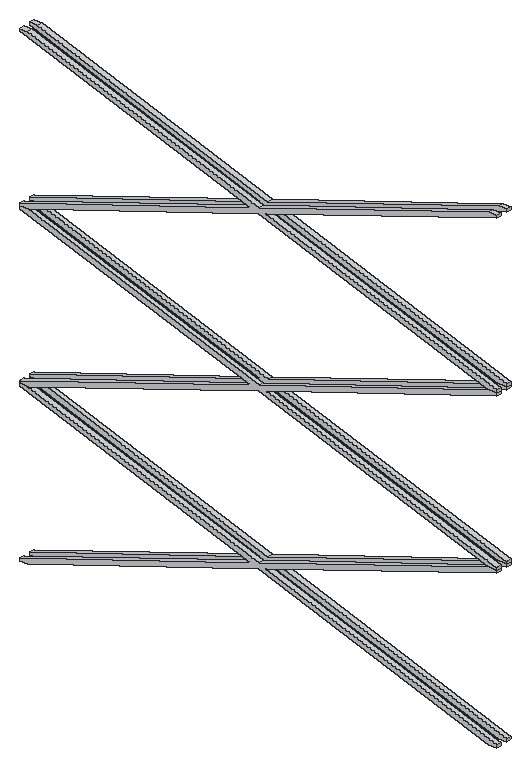
Revit family "e96a6a1a39da43eda7b22669d5e1d907", category Generic Models, Revit 2021
Family settings
  Can host rebar = No
  Round Connector Dimension = Use Diameter
  Part Type = Normal
  Work Plane-Based = No
  Always vertical = Yes
  Cut with Voids When Loaded = No
  Shared = Yes
  Room Calculation Point = No
Parameters
  Width [instance] = 4' - 0"
  Thickness = 0' - 0 1/2"
  Height [instance] = 4' - 0"
  Interior Material [instance] = none
  Exterior Material [instance] = none
  Distance = 0' - 0 3/4"
  Default Elevation = 0' - 0"
Reference planes (in)
  plane 1 "Center (Front/Back)": y = 0
  plane 2: z = 0
  plane 3 "Center (Left/Right)": x = 0
  plane 4: z = 48
  plane 5: x = -24
  plane 6: x = 24
  plane 7: z = 32
  plane 8: z = 16
Dimensions and locks (in)
  equal spacing: plane 6, plane 3 "Center (Left/Right)", plane 5
  "Width": plane 6 to plane 5
  "Height": plane 4 to plane 2
  equal spacing: plane 4, plane 7, plane 8, plane 2
  aligned and locked: plane 2 to level
  aligned and locked: plane 1 "Center (Front/Back)" to nested 1
  aligned and locked: plane 1 "Center (Front/Back)" to nested 2
  aligned and locked: plane 1 "Center (Front/Back)" to nested 3
  aligned and locked: plane 6 to nested 1
  aligned and locked: plane 6 to nested 2
  aligned and locked: plane 6 to nested 3
  aligned and locked: plane 5 to nested 1
  aligned and locked: plane 5 to nested 3
  aligned and locked: plane 5 to nested 2
  aligned and locked: plane 2 to nested 1
  aligned and locked: plane 8 to nested 1
  aligned and locked: plane 7 to nested 2
  aligned and locked: plane 8 to nested 2
  aligned and locked: plane 7 to nested 3
  aligned and locked: plane 4 to nested 3
Nested families (in)
  nested 1: "Muntin Pattern_Diamond" at (0, 0, 0), Exterior Material <- "Exterior Material", Interior Material <- "Interior Material", type "Muntin Pattern_Diamond"
    with W 4' - 0", Interior Material none, H 1' - 4", Exterior Material none
  nested 2: "Muntin Pattern_Diamond" at (0, 0, 16), Exterior Material <- "Exterior Material", Interior Material <- "Interior Material", type "Muntin Pattern_Diamond"
    with W 4' - 0", Interior Material none, H 1' - 4", Exterior Material none
  nested 3: "Muntin Pattern_Diamond" at (0, 0, 32), Exterior Material <- "Exterior Material", Interior Material <- "Interior Material", type "Muntin Pattern_Diamond"
    with W 4' - 0", Interior Material none, H 1' - 4", Exterior Material none
Definition of nested family "Muntin Pattern_Diamond"
  Parameters (values of type "Muntin Pattern_Diamond")
    W [instance] = 4' - 0"
    Thickness = 0' - 0 1/2"
    H [instance] = 4' - 0"
    Interior Material [instance] = none
    Distance = 0' - 0 3/4"
    Exterior Material [instance] = none
    Default Elevation = 0' - 0"
  Reference planes (in)
    plane 1 "Center (Front/Back)": y = 0
    plane 2: z = 0
    plane 3 "Center (Left/Right)": x = 0
    plane 4: z = 48
    plane 5: x = -24
    plane 6: x = 24
    plane 7: z = 24
    plane 8: y = 0.375
    plane 9: y = -0.375
    plane 10: y = 0.875
    plane 11: y = -0.875
  Forms (in)
    Extrusion 1, solid, material <- "Exterior Material", detail levels fine
      sketch origin (-24, 0, 48) x (0.707107, 0, -0.707107) y (0.707107, 0, 0.707107)
        loop
          line (0, 0.25) -> (0, -0.25) -> (67.88225, -0.25) -> (67.88225, 0.25) -> (0, 0.25)
      from -0.875 to -0.375
    Extrusion 2, solid, material <- "Exterior Material", detail levels fine
      sketch origin (24, 0, 48) x (-0.707107, 0, -0.707107) y (0.707107, 0, -0.707107)
        loop
          line (67.88225, 0.25) -> (0, 0.25) -> (0, -0.25) -> (67.88225, -0.25) -> (67.88225, 0.25)
      from -0.875 to -0.375
    Extrusion 3, void
      sketch origin (0, 0, 0) x (1, 0, 0) y (0, 0, 1)
        loop
          line (-24, 48) -> (-24, 0) -> (24, 0) -> (24, 48) -> (-24, 48)
        loop
          line (-24.5, 48.5) -> (-24.5, -0.5) -> (24.5, -0.5) -> (24.5, 48.5) -> (-24.5, 48.5)
      from -0.875 to 0.875
    Extrusion 4, solid, material <- "Interior Material", detail levels fine
      sketch origin (-24, 0, 48) x (0.707107, 0, -0.707107) y (0.707107, 0, 0.707107)
        loop
          line (0, 0.25) -> (0, -0.25) -> (67.88225, -0.25) -> (67.88225, 0.25) -> (0, 0.25)
      from 0.375 to 0.875
    Extrusion 5, solid, material <- "Interior Material", detail levels fine
      sketch origin (24, 0, 48) x (-0.707107, 0, -0.707107) y (0.707107, 0, -0.707107)
        loop
          line (0, -0.25) -> (67.88225, -0.25) -> (67.88225, 0.25) -> (0, 0.25) -> (0, -0.25)
      from 0.375 to 0.875
  Cuts and joins
    Extrusion 3 cuts Extrusion 1
    Extrusion 3 cuts Extrusion 2
    joined: Extrusion 1, Extrusion 2
    Extrusion 3 cuts Extrusion 4
    Extrusion 3 cuts Extrusion 5
    joined: Extrusion 4, Extrusion 5
  Lines and regions (in)
    reference lines
      curve 1: line (-24, 0, 48) -> (24, 0, 0)
      curve 2: line (24, 0, 48) -> (-24, 0, 0)
      curve 3: line (-24, 0, 48) -> (-17.98959, 0, 54.01041)
      curve 4: line (24, 0, 0) -> (31.6014, 0, 7.6014)
      curve 5: line (-21.20495, 0, 44.8514) -> (16.78122, 0, 6.86522)
      curve 6: line (-20.8514, 0, 45.20495) -> (17.13478, 0, 7.21878)
      curve 7: line (24, 0, 48) -> (18.87348, 0, 53.12652)
      curve 8: line (-24, 0, 0) -> (-28.24264, 0, 4.24264)
      curve 9: line (-23.82322, 0, -0.17678) -> (22.31549, 0, 45.96194)
      curve 10: line (-24.17678, 0, 0.17678) -> (21.96194, 0, 46.31549)
    model lines, detail levels medium
      curve 11: line (24, 0.375, 0) -> (-24, 0.375, 48)
      curve 12: line (24, 0.375, 48) -> (-24, 0.375, 0)
      curve 13: line (24, -0.375, 0) -> (-24, -0.375, 48)
      curve 14: line (24, -0.375, 48) -> (-24, -0.375, 0)
  Dimensions and locks (in)
    equal spacing: plane 6, plane 3 "Center (Left/Right)", plane 5
    "W": plane 6 to plane 5
    "H": plane 4 to plane 2
    equal spacing: plane 4, plane 7, plane 2
    equal spacing: curve 5, curve 1, curve 6
    "Thickness": curve 5 to curve 6
    equal spacing: curve 9, curve 2, curve 10
    "Thickness": curve 9 to curve 10
    "Thickness": Extrusion 3 sketch curve to plane 6
    "Thickness": plane 2 to Extrusion 3 sketch curve
    "Thickness": plane 5 to Extrusion 3 sketch curve
    "Thickness": Extrusion 3 sketch curve to plane 4
    "Distance": plane 8 to plane 9
    equal spacing: plane 8, plane 1 "Center (Front/Back)", plane 9
    "Thickness": plane 10 to plane 8
    "Thickness": plane 9 to plane 11
    locked: curve 1 to curve 3 (angle 90.00°)
    locked: curve 4 to curve 1 (angle 90.00°)
    locked: curve 7 to curve 2 (angle 90.00°)
    locked: curve 2 to curve 8 (angle 90.00°)
    aligned and locked: plane 2 to level
    aligned and locked: plane 4 to curve 1
    aligned and locked: plane 5 to curve 1
    aligned and locked: plane 2 to curve 2
    aligned and locked: plane 5 to curve 2
    aligned and locked: plane 6 to curve 1
    aligned and locked: plane 2 to curve 1
    aligned and locked: plane 6 to curve 2
    aligned and locked: plane 4 to curve 2
    aligned and locked: plane 4 to curve 3
    aligned and locked: plane 5 to curve 3
    aligned and locked: plane 6 to curve 4
    aligned and locked: plane 2 to curve 4
    aligned and locked: Extrusion 1 sketch curve to curve 5
    aligned and locked: Extrusion 1 sketch curve to curve 3
    aligned and locked: Extrusion 1 sketch curve to curve 6
    aligned and locked: curve 6 to Extrusion 1 sketch curve
    aligned and locked: curve 5 to Extrusion 1 sketch curve
    aligned and locked: Extrusion 1 sketch curve to curve 4
    aligned and locked: curve 4 to Extrusion 1 sketch curve
    aligned and locked: plane 5 to curve 8
    aligned and locked: plane 2 to curve 8
    aligned and locked: plane 6 to curve 7
    aligned and locked: plane 4 to curve 7
    aligned and locked: Extrusion 2 sketch curve to curve 10  (x2)
    aligned and locked: Extrusion 2 sketch curve to curve 8  (x2)
    aligned and locked: curve 9 to Extrusion 2 sketch curve  (x2)
    aligned and locked: curve 7 to Extrusion 2 sketch curve
    aligned and locked: plane 5 to Extrusion 3 sketch curve
    aligned and locked: Extrusion 3 sketch curve to plane 4
    aligned and locked: Extrusion 3 sketch curve to plane 6
    aligned and locked: plane 2 to Extrusion 3 sketch curve
    aligned and locked: plane 10 to cut or joined group of Extrusion 1, Extrusion 2, Extrusion 3  (x2)
    aligned and locked: cut or joined group of Extrusion 1, Extrusion 2, Extrusion 3 to plane 8  (x2)
    aligned and locked: plane 10 to Extrusion 3
    aligned and locked: Extrusion 3 to plane 11
    aligned and locked: curve 3 to Extrusion 4 sketch curve
    aligned and locked: Extrusion 4 sketch curve to curve 3
    aligned and locked: Extrusion 4 sketch curve to curve 6
    aligned and locked: Extrusion 4 sketch curve to curve 5
    aligned and locked: Extrusion 4 sketch curve to curve 4
    aligned and locked: curve 6 to Extrusion 4 sketch curve
    aligned and locked: curve 5 to Extrusion 4 sketch curve
    aligned and locked: Extrusion 5 sketch curve to curve 9
    aligned and locked: Extrusion 5 sketch curve to curve 10
    aligned and locked: Extrusion 5 sketch curve to curve 7  (x2)
    aligned and locked: Extrusion 5 sketch curve to curve 8  (x2)
    aligned and locked: curve 9 to Extrusion 5 sketch curve
    aligned and locked: curve 10 to Extrusion 5 sketch curve
    aligned and locked: Extrusion 4 to plane 11
    aligned and locked: Extrusion 5 to plane 11
    aligned and locked: plane 9 to Extrusion 4
    aligned and locked: plane 9 to Extrusion 5
    aligned and locked: plane 2 to curve 11
    aligned and locked: plane 6 to curve 11
    aligned and locked: plane 5 to curve 11
    aligned and locked: plane 4 to curve 11
    aligned and locked: plane 5 to curve 12
    aligned and locked: plane 2 to curve 12
    aligned and locked: plane 4 to curve 12
    aligned and locked: plane 6 to curve 12
    aligned and locked: plane 2 to curve 13
    aligned and locked: plane 6 to curve 13
    aligned and locked: plane 4 to curve 14
    aligned and locked: plane 6 to curve 14
    aligned and locked: plane 4 to curve 13
    aligned and locked: plane 5 to curve 13
    aligned and locked: plane 2 to curve 14
    aligned and locked: plane 5 to curve 14
  Automatic sketch dimensions
    curve 1 to curve 6 = 0' - 4.20279"
    curve 1 to curve 5 = 0' - 4.20279"
    curve 5 to curve 1 = 0' - 9.95889"
    curve 6 to curve 5 = 0' - 0"
    curve 2 to curve 9 = 0' - 0"
    curve 2 to curve 9 = 0' - 2.63225"
    curve 2 to curve 10 = 0' - 2.63225"
